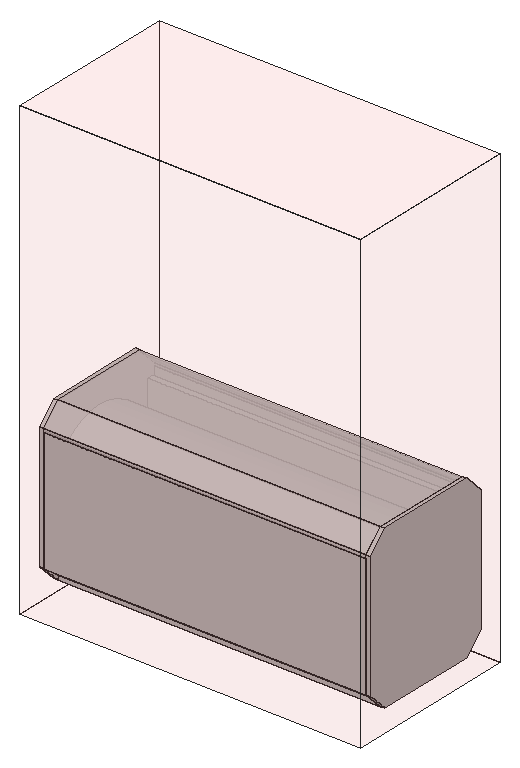
Revit family "Air-Curtain_Vestibule-Except_PoweredAire_ETA", category Mechanical Equipment, host Face, Revit 2019
Family settings
  Host = Face
  Round Connector Dimension = Use Diameter
  Part Type = Normal
  OmniClass Number = 23.75.35.17.21
  OmniClass Title = Air Curtains
  Cut with Voids When Loaded = No
  Shared = No
  Room Calculation Point = No
Parameters
  Warranty Duration (Years) = 0
  Unit Width Notes = "Other Widths available."  # constant formula
  Unit Width = 3' - 0"
  Unit Weight = 0
  Unit Height = 1' - 3"
  Unit Depth = 1' - 5 1/2"
  URL = "http://www.poweredaire.com/"
  Test Data = ""
  Standards Conformance = "as Specified"
  Specification = "http://www.arcat.com/sdspecs/htm04/23_34_33pai.htm"
  SpecWizard = ""
  Sound Pressure = "as Specified"
  Sales Information = "http://www.poweredaire.com/contact_us"
  Revision = "R1_2016-08"
  Projection from Host [instance] = 0' - 2"
  Product Properties = ""
  Product Data = "http://www.arcat.com/arcatcos/cos47/arc47623.html"
  Power Rating = 0 W
  Nozzle Width = if(1 = 1, Unit Width - 0' 1", 0' 0")  # 2' - 11"
  Mounting Width = if(1 = 1, Unit Width - 0' 0 15/16", 0' 0")  # 2' - 11 1/16"
  Mounting Height [instance] = 3' - 6"
  Motor RPM = 0
  Motor HP = 0
  Motor Count = 0
  Model = "As Specified"
  Max Height = 0' - 0"
  Manufacturer Website = "http://www.poweredaire.com/"
  Manufacturer Phone - Toll Free = "888-321-2473"
  Manufacturer Phone = "724-588-3305"
  Manufacturer Fax = "724-588-3371"
  Manufacturer Address = "109 Mortensen Rd.  Greenville, PA 16125"
  Manufacturer = "Powered Aire, Inc"
  Maintenance Schedule (Months) = 0
  Keynote = "23 34 33"
  Installation-Fabrication = ""
  Installation Phase = ""
  Include Clearance [instance] = yes
  Heating Element Load = 0 W
  HVAC_Temperature Rise = 0 °F
  HVAC_Outlet Volume = 0 CFM
  HVAC_Outlet Velocity Uniformity = 0
  HVAC_Outlet Velocity = 0 FPM
  Green Building-LEED = "http://www.arcat.com/green/clients/leed_data_47623.html"
  Front Grating Material [instance] = Metal - Steel - PoweredAire - Stainless 304 Perforated
  Frame Finish [instance] = Metal - Steel - PoweredAire - Stainless 304
  Expected Lifespan (Years) = 0
  Electrical_Wattage [instance] = Power Rating + Heating Element Load  # 0 W
  Electrical_Voltage [instance] = 0 V
  Electrical_Phase [instance] = 1
  Electrical_Frequency [instance] = 0 Hz
  Electrical_Amperage [instance] = 0 A
  Drawn By = "Sumex Design, Inc. / Robert S. Weygant, CSI, CDT, SCIP"
  Description = "Powered Aire Air Curtain as Specified"
  Default Elevation = 0' - 0"  # constant formula
  Copyright = "©Arcat Inc."
  Construction Details = "http://www.arcat.com/details/powair/prod3336.html"
  Clearance_Top [instance] = 0' - 2"
  Clearance_Side B [instance] = 0' - 0 1/2"
  Clearance_Side A [instance] = 0' - 0 1/2"
  Clearance_Intake [instance] = 2' - 6"
  Clearance_Bottom [instance] = 0' - 2"
  Clearance Material [instance] = ARCAT Clearance
  Building Codes = ""
  Available Options [instance] = "as Specified"
  Assembly Code = "D3090400"
Reference planes (in)
  plane 1 "Center (Elevation)": y = 0.13818
  plane 2: z = 0
  plane 3 "Center (Left/Right)": x = 0
  plane 4: y = 7.63818
  plane 5: y = -7.36182
  plane 6: x = -18
  plane 7: x = 18
  plane 8: z = 19.5
  plane 9 "FF": y = -41.86182
  plane 10: z = 2
  plane 11: x = 17.5
  plane 12: x = -17.5
  plane 13: y = 9.63818
  plane 14: y = -9.36182
  plane 15: x = -18.5
  plane 16: x = 18.5
  plane 17: z = 49.5
Forms (in)
  Extrusion 1, solid, material "Metal - Steel - PoweredAire - Stainless 304" <- "Frame Finish"
    sketch origin (0, 0, 0) x (0, 1, 0) y (0, 0, 1)
      loop
        line (5.69363, 2) -> (7.63818, 3.94454) -> (7.63818, 17.55546) -> (5.69363, 19.5) -> (-5.41728, 19.5) -> (-7.36182, 17.55546) -> (-7.36182, 3.94454) -> (-5.41728, 2) -> (5.69363, 2)
    from 17.5 to 18
  Extrusion 2, solid, material "Metal - Steel - PoweredAire - Stainless 304" <- "Frame Finish"
    sketch origin (0, 0, -0.5) x (0, 1, 0) y (0, 0, 1)
      loop
        circle (0.13818, 10.9739) r 6.25
      loop
        line (6.63818, 16.89427) -> (6.63818, 5.87829) -> (7.33849, 5.87829) -> (7.33849, 16.89427) -> (6.63818, 16.89427)
      loop
        line (-7.02798, 16.76927) -> (-7.02798, 5.75329) -> (-6.36182, 5.75329) -> (-6.36182, 16.76927) -> (-7.02798, 16.76927)
    from -17.5 to 17.5
  Extrusion 3, solid, material "Metal - Steel - PoweredAire - Stainless 304" <- "Frame Finish"
    sketch origin (0, 0, 0) x (0, 1, 0) y (0, 0, -1)
      loop
        line (5.69363, -2) -> (-5.41728, -2) -> (-7.36182, -3.94454) -> (-7.36182, -17.55546) -> (-5.41728, -19.5) -> (5.69363, -19.5) -> (7.63818, -17.55546) -> (7.63818, -3.94454) -> (5.69363, -2)
    from 17.5 to 18
  Extrusion 4, solid, material "Metal - Steel - PoweredAire - Stainless 304" <- "Frame Finish"
    sketch origin (0, 0, 0) x (0, 1, 0) y (0, 0, 1)
      loop
        line (-5.41728, 2) -> (5.69363, 2) -> (7.63818, 3.94454) -> (7.63818, 17.19454) -> (7.51318, 17.19454) -> (7.51318, 3.99632) -> (5.64186, 2.125) -> (-5.29228, 2.125) -> (-5.29228, 4.06954) -> (-7.23682, 4.06954) -> (-7.23682, 17.19454) -> (-7.36182, 17.19454) -> (-7.36182, 3.94454) -> (-5.41728, 3.94454) -> (-5.41728, 2)
      loop
        line (-6.64819, 3.61034) -> (-5.8702, 2.83235) -> (-5.74472, 2.95783) -> (-6.52271, 3.73583) -> (-6.64819, 3.61034)
    from -17.5 to 17.5
  Extrusion 5, solid, material "Metal - Steel - PoweredAire - Stainless 304 Perforated" <- "Front Grating Material"
    sketch origin (0, 0, 0) x (0, 1, 0) y (0, 0, 1)
      loop
        line (-7.36182, 17.19454) -> (-7.23682, 17.19454) -> (-7.23682, 17.50368) -> (-5.3655, 19.375) -> (5.64186, 19.375) -> (7.51318, 17.50368) -> (7.51318, 17.19454) -> (7.63818, 17.19454) -> (7.63818, 17.55546) -> (5.69363, 19.5) -> (-5.41728, 19.5) -> (-7.36182, 17.55546) -> (-7.36182, 17.19454)
    from -17.5 to 17.5
  Extrusion 6, solid, material "ARCAT Clearance" <- "Clearance Material", visible <- "Include Clearance"
    sketch origin (0, 0, 0) x (0, 1, 0) y (0, 0, 1)
      loop
        line (-9.36182, 49.5) -> (-9.36182, 0) -> (9.63818, 0) -> (9.63818, 49.5) -> (-9.36182, 49.5)
    from -18.5 to 18.5
Dimensions and locks (in)
  equal spacing: plane 4, plane 1 "Center (Elevation)", plane 5
  "Unit Height": plane 4 to plane 5
  equal spacing: plane 6, plane 3 "Center (Left/Right)", plane 7
  "Unit Width": plane 6 to plane 7
  "Mounting Height": plane 1 "Center (Elevation)" to plane 9 "FF"
  "Projection from Host": plane 10 to level
  "Unit Depth": plane 8 to plane 10
  locked: plane 6 to plane 12 at 0.5
  locked: plane 11 to plane 7 at 0.5
  "Clearance_Side A": plane 7 to plane 16
  "Clearance_Side B": plane 15 to plane 6
  "Clearance_Top": plane 13 to plane 4
  "Clearance_Bottom": plane 5 to plane 14
  "Clearance_Intake": plane 17 to plane 8
  aligned and locked: plane 2 to host face
  aligned and locked: level to host face
  aligned and locked: plane 7 to Extrusion 1
  aligned and locked: Extrusion 1 to plane 11
  aligned and locked: plane 12 to Extrusion 3
  aligned and locked: Extrusion 3 to plane 6
  aligned and locked: Extrusion 2 to plane 12
  aligned and locked: plane 11 to Extrusion 2
  aligned and locked: plane 11 to Extrusion 4
  aligned and locked: Extrusion 4 to plane 12
  aligned and locked: plane 11 to Extrusion 5
  aligned and locked: Extrusion 5 to plane 12
  aligned and locked: Extrusion 6 sketch curve to plane 17
  aligned and locked: plane 14 to Extrusion 6 sketch curve
  aligned and locked: level to Extrusion 6 sketch curve
  aligned and locked: Extrusion 6 sketch curve to plane 13
  aligned and locked: plane 16 to Extrusion 6
  aligned and locked: Extrusion 6 to plane 15
Automatic sketch dimensions
  host sketch curve to host sketch curve = 8' - 0"  (x2)
  Extrusion 1 sketch curve to plane 5 = 0' - 0"
  Extrusion 1 sketch curve to plane 8 = 0' - 0"
  Extrusion 1 sketch curve to plane 10 = 0' - 0"
  Extrusion 1 sketch curve to plane 4 = 0' - 0"
  plane 5 to Extrusion 1 sketch curve = 0' - 1.94454"  (x2)
  Extrusion 1 sketch curve to plane 4 = 0' - 1.94454"  (x2)
  plane 10 to Extrusion 1 sketch curve = 0' - 1.94454"  (x2)
  Extrusion 1 sketch curve to plane 8 = 0' - 1.94454"  (x2)
  Extrusion 2 sketch curve to plane 1 "Center (Elevation)" = 0' - 0"
  plane 5 to Extrusion 2 sketch curve = 0' - 1"
  plane 5 to Extrusion 2 sketch curve = 0' - 0.33384"
  Extrusion 2 sketch curve to plane 4 = 0' - 1"
  Extrusion 2 sketch curve to plane 4 = 0' - 0.29969"
  plane 10 to Extrusion 2 sketch curve = 0' - 3.37829"
  plane 10 to Extrusion 2 sketch curve = 0' - 3.25329"
  Extrusion 2 sketch curve to plane 8 = 0' - 9.0261"
  Extrusion 2 sketch curve to plane 8 = 0' - 3.23073"
  Extrusion 2 sketch curve to plane 8 = 0' - 3.10573"
  Extrusion 3 sketch curve to plane 5 = 0' - 0"
  Extrusion 3 sketch curve to plane 8 = 0' - 0"
  Extrusion 3 sketch curve to plane 10 = 0' - 0"
  Extrusion 3 sketch curve to plane 4 = 0' - 0"
  plane 5 to Extrusion 3 sketch curve = 0' - 1.94454"  (x2)
  Extrusion 3 sketch curve to plane 4 = 0' - 1.94454"  (x2)
  Extrusion 3 sketch curve to plane 8 = 0' - 1.94454"  (x2)
  plane 10 to Extrusion 3 sketch curve = 0' - 1.94454"  (x2)
  Extrusion 4 sketch curve to plane 5 = 0' - 0"
  Extrusion 4 sketch curve to plane 10 = 0' - 0"
  Extrusion 4 sketch curve to plane 4 = 0' - 0"
  plane 5 to Extrusion 4 sketch curve = 0' - 0 1/8"
  plane 5 to Extrusion 4 sketch curve = 0' - 0.71363"
  Extrusion 4 sketch curve to Extrusion 4 sketch curve = 0' - 0.12548"  (x2)
  Extrusion 4 sketch curve to Extrusion 4 sketch curve = 0' - 0.778"
  Extrusion 4 sketch curve to Extrusion 4 sketch curve = 0' - 0.32744"
  Extrusion 4 sketch curve to Extrusion 4 sketch curve = 0' - 0 1/8"  (x2)
  plane 10 to Extrusion 4 sketch curve = 0' - 0 1/8"
  Extrusion 4 sketch curve to plane 4 = 0' - 1.99632"
  Extrusion 4 sketch curve to Extrusion 4 sketch curve = 0' - 0.05178"  (x2)
  plane 10 to Extrusion 4 sketch curve = 0' - 0.83235"
  plane 10 to Extrusion 4 sketch curve = 0' - 1.94454"
  Extrusion 4 sketch curve to Extrusion 4 sketch curve = 0' - 0.3342"
  Extrusion 4 sketch curve to plane 4 = 0' - 0 1/8"
  Extrusion 4 sketch curve to plane 8 = 0' - 2.30546"  (x2)
  Extrusion 5 sketch curve to plane 5 = 0' - 0"
  Extrusion 5 sketch curve to plane 8 = 0' - 0"
  Extrusion 5 sketch curve to plane 4 = 0' - 0"
  plane 5 to Extrusion 5 sketch curve = 0' - 0 1/8"
  plane 5 to Extrusion 5 sketch curve = 0' - 1.94454"
  Extrusion 5 sketch curve to plane 8 = 0' - 0 1/8"
  Extrusion 5 sketch curve to Extrusion 5 sketch curve = 0' - 0.05178"  (x4)
  Extrusion 5 sketch curve to plane 4 = 0' - 1.99632"
  Extrusion 5 sketch curve to plane 8 = 0' - 1.94454"  (x2)
  Extrusion 5 sketch curve to Extrusion 5 sketch curve = 0' - 0 1/8"
  Extrusion 5 sketch curve to Extrusion 5 sketch curve = 0' - 0.30914"  (x2)
  radius of Extrusion 2 sketch curve = 0' - 6 1/4"
Connectors (in)
  electrical at (0, 7.63818, 10.56954), driven by "Electrical_Phase", driven by "Electrical_Voltage"
    settings: on Extrusion 4, index 1, voltage 0 V, apparent load 0 VA, apparent load phase1 0 VA, apparent load phase2 0 VA, apparent load phase3 0 VA, power factor 1, load classification "Motor", number of poles 1, system type 31, power factor state 1, is connector primary yes, connector utility no, sub classification motor no, connector description ""
